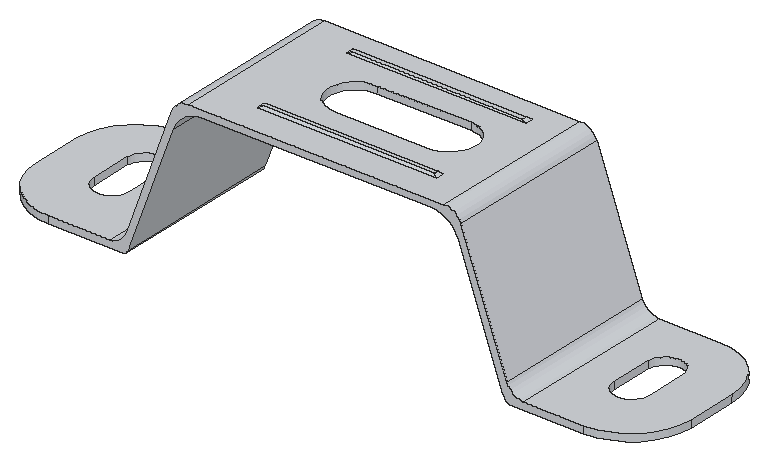
Revit family "THB50", category Generic Models, Revit 2017
Family settings
  Can host rebar = No
  Round Connector Dimension = Use Diameter
  Part Type = Normal
  Work Plane-Based = Yes
  Always vertical = No
  Cut with Voids When Loaded = No
  Shared = No
  Room Calculation Point = No
Parameters (values of type "NBS Standard Parameters")
  Weight = "0.045Kg"
  WarrantyStartDate [instance] = "1900-12-31T23:59:59"
  WarrantyGuarantorParts = "n/a"
  WarrantyGuarantorLabor = "n/a"
  WarrantyDurationUnit = "year"
  WarrantyDurationParts = "n/a"
  WarrantyDurationLabor = "n/a"
  WarrantyDescription = "n/a"
  Version = "1"
  Uniclass2 = "PR_65_70_11_18"
  TagNumber [instance] = "n/a"
  SustainabilityPerformance = "n/a"
  Size = "50"
  Shape = ""
  SerialNumber [instance] = "n/a"
  Revision = "n/a"
  ReplacementCost = "n/a"
  ProductInformation = "www.metpro.co.uk/pdf/thb50.pdf"
  NominalWidth = 28.5 mm
  NominalLength = 101 mm
  NominalHeight = 25.5 mm
  Name = ""
  NBSTypeID = ""
  NBSReference = "90-55-10/410"
  NBSOfficeMasterTag = ""
  NBSNote = ""
  NBSDescription = "Cable Trunking"
  NBSCertification = ""
  ModelReference = "THB50"
  ModelNumber = "n/a"
  Material = "Pre Galvanised Steel"
  ManufacturerURL = "www.metpro.co.uk"
  ManufacturerName = "Metpro Ltd"
  Keynote = "Compliant to LU Standard 1-085"
  InstallationDate [instance] = "1900-12-31T23:59:59"
  IfcExportType = ""
  IfcExportAs = ""
  Grade = "n/a"
  Finish = "Pre Galvanised"
  Features = "n/a"
  ExpectedLife = "n/a"
  DurationUnit = "year"
  Description = "THB50 - 50mm Top Hat Bracket"
  Default Elevation = 1219.2 mm
  Constituents = "n/a"
  Color = "n/a"
  CodePerformance = "n/a"
  Category = "n/a"
  BarCode [instance] = "n/a"
  BIMObjectName = "metpro_metprolibrary_cabletrunking_supportsystem_tophatbracket"
  Author = "Metpro Ltd"
  AssetType = ""
  AssetIdentifier [instance] = "n/a"
  AccessibilityPerformance = "n/a"
Reference planes
  plane 1 "Center (Front/Back)": y = 0
  plane 2: z = 0
  plane 3 "Center (Left/Right)": x = 0
Forms (mm)
  Extrusion 1, solid
    sketch origin (-43.186, 17.674, -6.2) x (-1, 0, 0) y (0, 0, 1)
      loop
        line (16.462, 5) -> (16.462, 6.2) -> (-3.784, 6.2)
        arc (-3.784, 6.2) -> (-5.505, 6.743) -> (-6.603, 8.174) r 3
        line (-6.603, 8.174) -> (-14.266, 29.226)
        arc (-14.266, 29.226) -> (-15.364, 30.657) -> (-17.085, 31.2) r 3
        line (-17.085, 31.2) -> (-59.992, 31.2)
        arc (-59.992, 31.2) -> (-61.713, 30.657) -> (-62.811, 29.226) r 3
        line (-62.811, 29.226) -> (-70.474, 8.174)
        arc (-70.474, 8.174) -> (-71.572, 6.743) -> (-73.293, 6.2) r 3
        line (-73.293, 6.2) -> (-93.538, 6.2) -> (-93.538, 5) -> (-71.052, 5)
        arc (-71.052, 5) -> (-70.478, 5.181) -> (-70.112, 5.658) r 1
        line (-70.112, 5.658) -> (-62.45, 26.71)
        arc (-62.45, 26.71) -> (-60.619, 29.096) -> (-57.751, 30) r 5
        line (-57.751, 30) -> (-19.325, 30)
        arc (-19.325, 30) -> (-16.458, 29.096) -> (-14.627, 26.71) r 5
        line (-14.627, 26.71) -> (-6.965, 5.658)
        arc (-6.965, 5.658) -> (-6.598, 5.181) -> (-6.025, 5) r 1
        line (-6.025, 5) -> (16.462, 5)
    from 0 to 28.5
  Extrusion 2, void
    sketch origin (-59.648, 17.674, 0) x (0, 1, 0) y (1, 0, 0)
      loop
        line (18.623, 101.694) -> (11.623, 101.694)
        arc (11.623, 101.694) -> (8.623, 98.694) -> (11.623, 95.694) r 3
        line (11.623, 95.694) -> (18.623, 95.694)
        arc (18.623, 95.694) -> (21.623, 98.694) -> (18.623, 101.694) r 3
      loop
        line (10, 110) -> (18.5, 110)
        arc (18.5, 110) -> (25.571, 107.071) -> (28.5, 100) r 10
        line (28.5, 100) -> (28.5, 85) -> (47.326, 85) -> (47.326, 125) -> (-17.674, 125) -> (-17.674, 85) -> (0, 85) -> (0, 100)
        arc (0, 100) -> (2.929, 107.071) -> (10, 110) r 10
      loop
        arc (18.623, 8.306) -> (21.623, 11.306) -> (18.623, 14.306) r 3
        line (18.623, 14.306) -> (11.623, 14.306)
        arc (11.623, 14.306) -> (8.623, 11.306) -> (11.623, 8.306) r 3
        line (11.623, 8.306) -> (18.623, 8.306)
      loop
        arc (10, 0) -> (2.929, 2.929) -> (0, 10) r 10
        line (0, 10) -> (0, 25) -> (-17.674, 25) -> (-17.674, -15) -> (47.326, -15) -> (47.326, 25) -> (28.5, 25) -> (28.5, 10)
        arc (28.5, 10) -> (25.571, 2.929) -> (18.5, 0) r 10
        line (18.5, 0) -> (10, 0)
    from 0 to 3
  Blend 3, solid
    base sketch origin (16.806, 17.674, 25) x (-1, 0, 0) y (0, -1, 0)
      loop
        line (5.267, -5) -> (5.267, -6.337) -> (35.267, -6.337) -> (35.267, -5) -> (5.267, -5)
    top sketch origin (16.806, 17.674, 25) x (-1, 0, 0) y (0, -1, 0)
      loop
        arc (6.049, -5.3) -> (5.681, -5.668) -> (6.049, -6.037) r 0.368
        line (6.049, -6.037) -> (34.62, -6.037)
        arc (34.62, -6.037) -> (34.988, -5.668) -> (34.62, -5.3) r 0.368
        line (34.62, -5.3) -> (6.049, -5.3)
    from 0 to 0.3
  Blend 4, solid
    base sketch origin (16.806, 47.674, 25) x (-1, 0, 0) y (0, -1, 0)
      loop
        line (5.267, 5) -> (35.267, 5) -> (35.267, 6.337) -> (5.267, 6.337) -> (5.267, 5)
    top sketch origin (16.806, 47.674, 25) x (-1, 0, 0) y (0, -1, 0)
      loop
        line (6.049, 5.3) -> (34.62, 5.3)
        arc (34.62, 5.3) -> (34.988, 5.668) -> (34.62, 6.037) r 0.368
        line (34.62, 6.037) -> (6.049, 6.037)
        arc (6.049, 6.037) -> (5.681, 5.668) -> (6.049, 5.3) r 0.368
    from 0 to 0.3
  Extrusion 5, void
    sketch origin (16.806, 17.674, 25) x (0, -1, 0) y (-1, 0, 0)
      loop
        arc (-10.375, 26.809) -> (-14.875, 31.309) -> (-19.375, 26.809) r 4.5
        line (-19.375, 26.809) -> (-19.375, 11.009)
        arc (-19.375, 11.009) -> (-14.875, 6.509) -> (-10.375, 11.009) r 4.5
        line (-10.375, 11.009) -> (-10.375, 26.809)
    from 0 to 1.2
Cuts and joins
  Extrusion 2, Extrusion 5 cuts Extrusion 1
  joined: Extrusion 1, Blend 3, Blend 4
Dimensions and locks
  aligned and locked: level to plane 2
